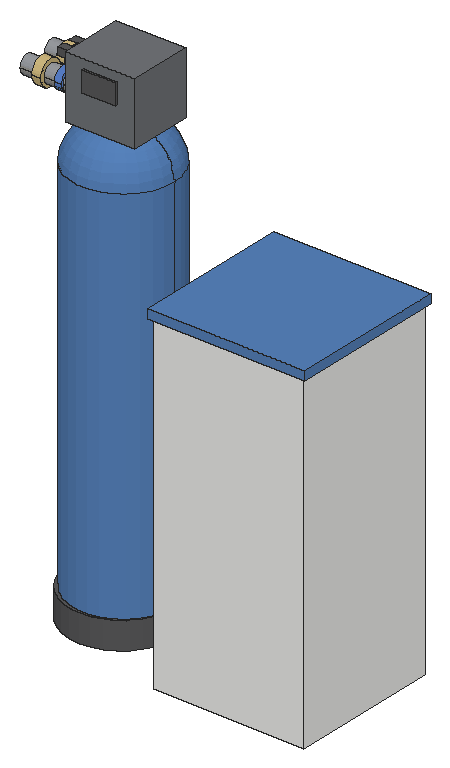
Revit family "PLB_Adoucisseur_Permo-Culligan", category Equipement de génie climatique, Revit 2026
Family settings
  Cote de connecteur circulaire = Utiliser le diamètre
  Type d'élément = Normal
  Basée sur le plan de construction = Non
  Toujours verticalement = Oui
  Couper avec des vides une fois chargée = Non
  Conserver l'orientation des annotations = Non
  Partagée = Non
  Repère de localisation dans la pièce = Non
Parameters (values of type "Alcyo A5X")
  Source = "CCTP lot 12 § 9.2.2"
  Modèle = "Alcyo A5X"
  Fabricant = "Permo / Culligan"
  Elévation par défaut = 0 mm
  Description = "Adoucisseur eau froide"
  Caractéristiques CCTP = "Régénération par saumurage, -50 °TH, compteur DN50"
  A vérifier = "Dimensions approximatives (bouteille Ø340 x 1 680 mm, bac à sel 500 x 500 x 1 130 mm)"
Reference planes
  plane 1 "Centre (avant/arrière)": y = 0
  plane 2: z = 0
  plane 3 "Centre (gauche/droite)": x = 0
Forms (mm)
  Extrusion 1, solid, material "EHPAD_noir"
    sketch origin (-250, 0, 0) x (1, 0, 0) y (0, 1, 0)
      loop
        circle (0, 0) r 180
    from 0 to 90
  Revolve 2, solid, material "EHPAD_bleu"
    sketch origin (-250, 0, 0) x (0, 0, 1) y (1, 0, 0)
      loop
        line (60, 0) -> (1480, 0)
        arc (1480, 0) -> (1454.094, 114.896) -> (1350, 170) r 140.933
        line (1350, 170) -> (60, 170) -> (60, 0)
      axis (60, 0) -> (1480, 0)
    angle from 0 to 360
  Extrusion 3, solid, material "EHPAD_anthracite"
    sketch origin (0, 0, 1470) x (1, 0, 0) y (0, 1, 0)
      loop
        line (-365, -95) -> (-135, -95) -> (-135, 115) -> (-365, 115) -> (-365, -95)
    from 0 to 210
  Extrusion 4, solid, material "EHPAD_noir"
    sketch origin (0, 0, 1580) x (1, 0, 0) y (0, 1, 0)
      loop
        line (-305, -101) -> (-195, -101) -> (-195, -95) -> (-305, -95) -> (-305, -101)
    from 0 to 70
  Extrusion 5, solid, material "EHPAD_acier"
    sketch origin (-365, -40, 1560) x (0, -1, 0) y (0, 0, 1)
      loop
        circle (0, 0) r 30.15
    from 0 to 170
  Extrusion 6, solid, material "EHPAD_froid"
    sketch origin (-395.6, -40, 1560) x (0, -1, 0) y (0, 0, 1)
      loop
        circle (0, 0) r 33.15
    from 0 to 23.8
  Extrusion 7, solid, material "EHPAD_laiton"
    sketch origin (-458.5, -40, 1560) x (0, -1, 0) y (0, 0, 1)
      loop
        circle (0, 0) r 41.195
    from 0 to 30
  Extrusion 8, solid, material "EHPAD_acier"
    sketch origin (-365, 60, 1560) x (0, -1, 0) y (0, 0, 1)
      loop
        circle (0, 0) r 30.15
    from 0 to 170
  Extrusion 9, solid, material "EHPAD_froid"
    sketch origin (-395.6, 60, 1560) x (0, -1, 0) y (0, 0, 1)
      loop
        circle (0, 0) r 33.15
    from 0 to 23.8
  Extrusion 10, solid, material "EHPAD_laiton"
    sketch origin (-458.5, 60, 1560) x (0, -1, 0) y (0, 0, 1)
      loop
        circle (0, 0) r 41.195
    from 0 to 30
  Extrusion 11, solid, material "EHPAD_noir"
    sketch origin (0, 0, 1520) x (1, 0, 0) y (0, 1, 0)
      loop
        line (-485, 22) -> (-425, 22) -> (-425, 98) -> (-485, 98) -> (-485, 22)
    from 0 to 80
  Extrusion 12, solid, material "EHPAD_gris"
    sketch origin (-250, 115, 1500) x (0, 0, 1) y (1, 0, 0)
      loop
        circle (0, 0) r 10.65
    from 0 to 110
  Extrusion 13, solid, material "EHPAD_blanc"
    sketch origin (0, 0, 0) x (1, 0, 0) y (0, 1, 0)
      loop
        line (50, -250) -> (550, -250) -> (550, 250) -> (50, 250) -> (50, -250)
    from 0 to 1100
  Extrusion 14, solid, material "EHPAD_bleu"
    sketch origin (0, 0, 1100) x (1, 0, 0) y (0, 1, 0)
      loop
        line (40, -260) -> (560, -260) -> (560, 260) -> (40, 260) -> (40, -260)
    from 0 to 30
  Extrusion 15, solid, material "EHPAD_gris"
    sketch origin (-80, 0, 900) x (0, 1, 0) y (0, 0, 1)
      loop
        circle (0, 0) r 8
    from 0 to 130
Dimensions and locks
  aligned and locked: level to plane 2
Connectors
  piping at (-535, -40, 1560), diameter 50
    settings: on Extrusion 5, index 1, connector inside diameter 609.6 mm, connector length 0 mm, flow factor 0, pipe flow 0.0 L/s, pressure drop 0.0 Pa, fitting loss kfactor 0, connector angle 0.00°, fixture units 0, engagement length 0 mm, angle of deflection 0.00°, flow configuration 0, flow direction 0, fitting loss method 0, system type 20, joint type 0, gender type 0, connector reference index -1, connector utility 0, adjustable connector no, is connector primary yes, connector description "Entrée eau brute"
  piping at (-535, 60, 1560), diameter 50
    settings: on Extrusion 8, index 2, connector inside diameter 609.6 mm, connector length 0 mm, flow factor 0, pipe flow 0.0 L/s, pressure drop 0.0 Pa, fitting loss kfactor 0, connector angle 0.00°, fixture units 0, engagement length 0 mm, angle of deflection 0.00°, flow configuration 0, flow direction 0, fitting loss method 0, system type 20, joint type 0, gender type 0, connector reference index -1, connector utility 0, adjustable connector no, is connector primary no, connector description "Sortie eau adoucie"
  piping at (-250, 225, 1500), diameter 15
    settings: on Extrusion 12, index 3, connector inside diameter 609.6 mm, connector length 0 mm, flow factor 0, pipe flow 0.0 L/s, pressure drop 0.0 Pa, fitting loss kfactor 0, connector angle 0.00°, fixture units 0, engagement length 0 mm, angle of deflection 0.00°, flow configuration 0, flow direction 0, fitting loss method 0, system type 16, joint type 0, gender type 0, connector reference index -1, connector utility 0, adjustable connector no, is connector primary no, connector description "Égout régénération"
